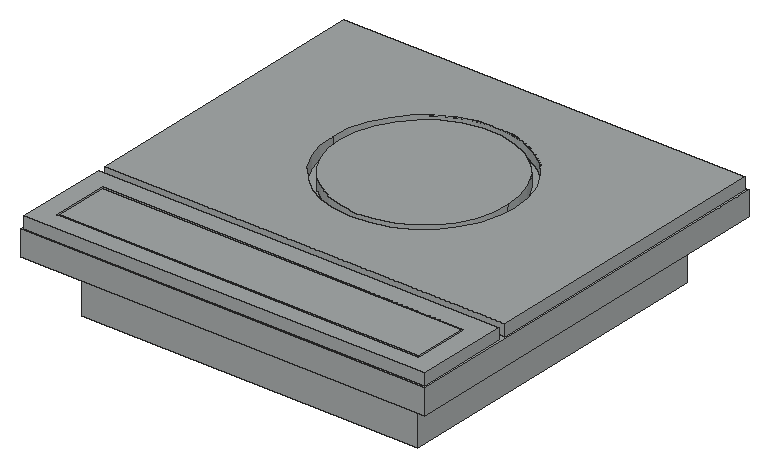
Revit family "Gira_5531902", category Electrical Fixtures, host Face, Revit 2017
Family settings
  Host = Face
  Maintain Annotation Orientation = Yes
  Round Connector Dimension = Use Diameter
  Part Type = Normal
  Cut with Voids When Loaded = No
  Shared = No
  Room Calculation Point = No
Parameters (values of type "Ruftastenmodul 1f System 106 Verkehrsweiß(lack.)")
  URL = "http://katalog.gira.de/de_DE/datenblatt.html?artikelnr=5531902"
  Region = "DE"
  Name = "Ruftastenmodul 1f System 106 Verkehrsweiß(lack.)"
  Model = "Sys106_Abdeckung_Schalten und Tasten"
  Manufacturer URL = "https://www.gira.de/"
  Installationstechnik = "Bus-System"
  Höhe = "0,1065 m"
  HeinzeBIM = "https://bimportal.heinze.de/bim/ruftastenmodul-1f-system-106-verkehrsweiss-lack-/81a64e93db3b58fda3296048e7ac68b0a3b0f5c1"
  HAN = "5531902"
  GTIN = "4010337022602"
  Farbe = "weiß"
  Edelstahl [instance] = Edelstahl
  Default Elevation = 1219.2 mm
  Data sheet (1) = "https://katalog.gira.de/de_DE/download.html?artikelnr=5531902"
  Category = "Funktionsmodul für Türkommunikation"
  Breite = "0,1065 m"
  Available = "Yes"
  Anzahl der Klingeltasten = "1 "
Reference planes
  plane 1 "Center (Front/Back)": y = 0
  plane 2 "Reference Level 0": z = 0
  plane 3 "Center (Left/Right)": x = 0
  plane 4 "Reference Level 1": z = 9.5
Forms (mm)
  Extrusion 1, solid, material "Edelstahl" <- "Edelstahl", detail levels coarse
    sketch origin (0, 0, 0) x (1, 0, 0) y (0, 1, 0)
      loop
        line (-53, 53) -> (-53, -53) -> (53, -53) -> (53, 53) -> (-53, 53)
    from -14.7 to 9.5
  Extrusion 2, solid, material "Edelstahl" <- "Edelstahl", detail levels fine
    sketch origin (0, 0, 0) x (1, 0, 0) y (0, 1, 0)
      loop
        line (52.5, -28) -> (-52.5, -28) -> (-52.5, -52.5) -> (52.5, -52.5) -> (52.5, -28)
      loop
        line (-47.5, -48) -> (47.5, -48) -> (47.5, -33) -> (-47.5, -33) -> (-47.5, -48)
    from 6.5 to 9.5
  Extrusion 3, solid, material "Edelstahl" <- "Edelstahl", detail levels fine
    sketch origin (0, 0, 0) x (1, 0, 0) y (0, 1, 0)
      loop
        line (-52.5, 52.5) -> (-52.5, -26) -> (52.5, -26) -> (52.5, 52.5) -> (-52.5, 52.5)
      loop
        circle (0, 13) r 24
    from 6.5 to 9.5
  Extrusion 4, solid, material "Edelstahl" <- "Edelstahl", detail levels medium+fine
    sketch origin (0, 0, 0) x (1, 0, 0) y (0, 1, 0)
      loop
        line (-53, 53) -> (-53, -53) -> (53, -53) -> (53, 53) -> (-53, 53)
    from 0 to 6.5
  Extrusion 5, solid, material "Edelstahl" <- "Edelstahl", detail levels fine
    sketch origin (0, 0, 0) x (1, 0, 0) y (0, 1, 0)
      loop
        line (-44, 44) -> (-44, -44) -> (44, -44) -> (44, 44) -> (-44, 44)
    from -14.7 to 0
  Extrusion 6, solid, material "Edelstahl" <- "Edelstahl", detail levels fine
    sketch origin (0, 0, 0) x (1, 0, 0) y (0, 1, 0)
      loop
        circle (0, 13) r 22
    from 6.5 to 9.5
  Extrusion 7, solid, material "Edelstahl" <- "Edelstahl", detail levels fine
    sketch origin (0, 0, 0) x (1, 0, 0) y (0, 1, 0)
      loop
        line (-47, -33.5) -> (-47, -47.5) -> (47, -47.5) -> (47, -33.5) -> (-47, -33.5)
    from 6.5 to 9.5
  Extrusion 8, solid, material "Edelstahl" <- "Edelstahl", detail levels medium
    sketch origin (0, 0, 0) x (1, 0, 0) y (0, 1, 0)
      loop
        line (-52.5, 52.5) -> (-52.5, -26) -> (52.5, -26) -> (52.5, 52.5) -> (-52.5, 52.5)
      loop
        line (-52.5, -28) -> (-52.5, -52.5) -> (52.5, -52.5) -> (52.5, -28) -> (-52.5, -28)
    from 6.5 to 9.5
  Extrusion 9, solid, material "Edelstahl" <- "Edelstahl", detail levels medium
    sketch origin (0, 0, 0) x (1, 0, 0) y (0, 1, 0)
      loop
        circle (0, 13) r 24
      loop
        line (-47.5, -33) -> (-47.5, -48) -> (47.5, -48) -> (47.5, -33) -> (-47.5, -33)
    from 6.5 to 9.5
Dimensions and locks
  aligned and locked: plane 2 "Reference Level 0" to host face
  aligned and locked: level to host face
  aligned and locked: Extrusion 4 to host face
  aligned and locked: Extrusion 4 to level
  aligned and locked: level to Extrusion 5
  aligned and locked: level to Extrusion 4
  aligned and locked: Extrusion 4 to plane 2 "Reference Level 0"
  aligned and locked: plane 2 "Reference Level 0" to Extrusion 5
  aligned and locked: plane 3 "Center (Left/Right)" to nested 1
  aligned and locked: plane 1 "Center (Front/Back)" to nested 1
Nested families
  nested 1: "Schalter" at (0, 0, 0), type "Schalter"
Connectors
  electrical at (0, 0, -14.7)
    settings: on Extrusion 5, index 1, voltage 220 V, apparent load 0 VA, apparent load phase1 0 VA, apparent load phase2 0 VA, apparent load phase3 0 VA, power factor 1, load classification "Other", number of poles 1, system type 30, power factor state 1, is connector primary yes, connector utility no, sub classification motor no, connector description ""
Definition of nested family "Schalter"
  Reference planes
    plane 1: y = 0
    plane 2: x = 0
  Lines and regions (mm)
    detail lines
      curve 1: circle (1.375, 2.778, 0) r 0.8 normal (0, 0, 1)
      curve 2: line (1.021, 2.061, 0) -> (0, 0, 0)
      curve 3: line (0, 0, 0) -> (-0.538, 0.266, 0)
  Dimensions and locks
    curve 2 to curve 2 = 2.3 mm
    curve 3 to curve 2 = 0.6 mm
    radius of curve 1 = 0.8 mm
